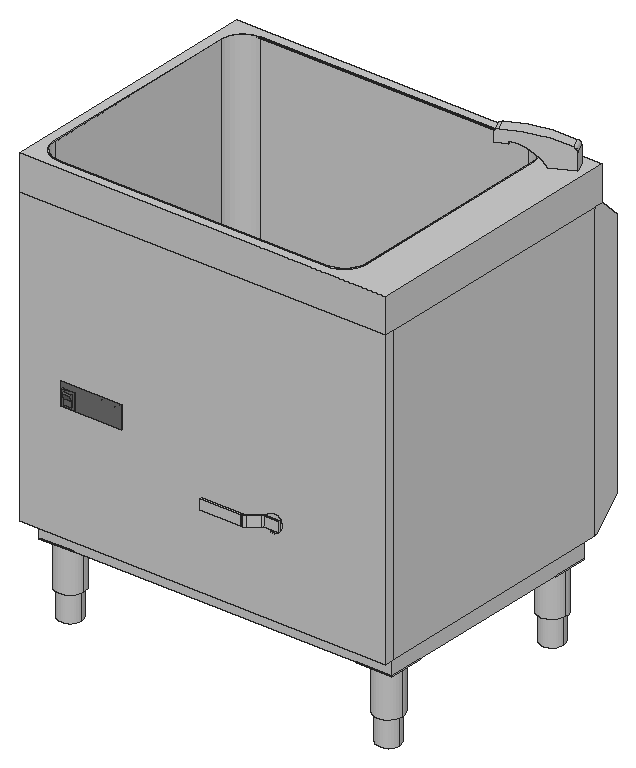
Revit family "SmartVide_120P_GENERADO", category Equipos especializados, Revit 2020
Family settings
  Cota de conector redondo = Diámetro de uso
  Tipo de pieza = Normal
  Número OmniClass = 23.21.21.13
  Se basa en plano de trabajo = No
  Siempre vertical = Sí
  Corte con vacíos al cargar = No
  Compartido = No
  Punto de cálculo de habitación = No
Parameters (values of type "Heated tank 120 l / 30 gal SmartVide 120/60/1")
  Width = 738 mm
  Weight in Pounds = 86
  Watts = 1500 W
  Volts = 120 V
  URL Cutsheet = "http://www.sammic.com/dl/468647/ed4c7/ps-en-1180421-heated-tank-for-smartvide-xl.pdf"
  URL = "https://www.sammic.com/model/1180421"
  Specification by Manufacturer = "Connected to and controlled by SmartVide XL to reach the set temperature faster."
  Show Logo [instance] = yes
  Show Clearances [instance] = yes
  Revision Code = "1"
  Phase = 1
  Modelo = "1180421"
  Height = 850 mm
  HP = "2.01"
  Foodservice Equipment Identifier = yes
  Fabricante = "SAMMIC S.L."
  FL Amps = 12.5 A
  Elevación por defecto = 0 mm
  Descripción = "Heated tank 120 l / 30 gal SmartVide 120/60/1"
  Depth = 582 mm
  Cycle = 60 Hz
  Conn Plug = "USA (NEMA 5-15P / 2P+G)"
  Comentarios de tipo = "Connected to and controlled by SmartVide XL."
Types (9, lengths in mm): name | Width | Weight in Pounds | Watts | Volts | URL Cutsheet | URL | Specification by Manufacturer | Modelo | Height | HP | FL Amps | Descripción | Depth | Cycle | Conn Plug | Comentarios de tipo
  (no name) | 738 | 86 | 1500 W | 120 V | "http://www.sammic.com/dl/468647/ed4c7/ps-en-1180421-heated-tank-for-smartvide-xl.pdf" | "https://www.sammic.com/model/1180421" | "Connected to and controlled by SmartVide XL to reach the set temperature faster." | "1180421" | 850 | "2.01" | 12.5 A | "Heated tank 120 l / 30 gal SmartVide 120/60/1" | 582 | 60 Hz | "USA (NEMA 5-15P / 2P+G)" | "Connected to and controlled by SmartVide XL."
  Heated tank 28P 28 l / 7.4 gal 230/50-60/1 | 335 | 20.4 | 750 W | 230 V | "http://www.sammic.com/dl/463838/10f12/ps-en-1180070-enhanced-tank-for-smartvide-x.pdf" | "https://www.sammic.com/model/1180070" | "Connected to and controlled by SmartVide X to reach the set temperature faster." | "1180070" | 288 | "1.01" | 3 A | "Heated tank 28P 28 l / 7.4 gal 230/50-60/1" | 540 | 50 Hz | "EU (SCHUKO 2P+G)" | "Tanks of 28 l / 7.4 gal and 56 l / 14.8 gal ."
  Heated tank 28P 28 l / 7.4 gal 120/60/1 | 335 | 20.4 | 750 W | 120 V | "http://www.sammic.com/dl/468574/fe437/ps-en-1180071-enhanced-tank-for-smartvide-x.pdf" | "https://www.sammic.com/model/1180071" | "Connected to and controlled by SmartVide X to reach the set temperature faster." | "1180071" | 288 | "1.01" | 6.25 A | "Heated tank 28P 28 l / 7.4 gal 120/60/1" | 540 | 60 Hz | "USA (NEMA 5-15P / 2P+G)" | "Tanks of 28 l / 7.4 gal and 56 l / 14.8 gal ."
  Heated tank 56P 56 l / 14.8 gal 230/50-60/1 | 660 | 36.8 | 1500 W | 230 V | "http://www.sammic.com/dl/463839/57b43/ps-en-1180075-enhanced-tank-for-smartvide-x.pdf" | "https://www.sammic.com/model/1180075" | "Connected to and controlled by SmartVide X to reach the set temperature faster." | "1180075" | 288 | "2.01" | 6 A | "Heated tank 56P 56 l / 14.8 gal 230/50-60/1" | 540 | 50 Hz | "EU (SCHUKO 2P+G)" | "Tanks of 28 l / 7.4 gal and 56 l / 14.8 gal ."
  Heated tank 56P 56 l / 14.8 gal 120/60/1 | 660 | 36.8 | 1500 W | 120 V | "http://www.sammic.com/dl/468575/325b7/ps-en-1180076-enhanced-tank-for-smartvide-x.pdf" | "https://www.sammic.com/model/1180076" | "Connected to and controlled by SmartVide X to reach the set temperature faster." | "1180076" | 288 | "2.01" | 12.5 A | "Heated tank 56P 56 l / 14.8 gal 120/60/1" | 540 | 60 Hz | "USA (NEMA 5-15P / 2P+G)" | "Tanks of 28 l / 7.4 gal and 56 l / 14.8 gal ."
  Heated tank 120 l / 30 gal SmartVide 120/60/1 | 738 | 86 | 1500 W | 120 V | "http://www.sammic.com/dl/468647/ed4c7/ps-en-1180421-heated-tank-for-smartvide-xl.pdf" | "https://www.sammic.com/model/1180421" | "Connected to and controlled by SmartVide XL to reach the set temperature faster." | "1180421" | 850 | "2.01" | 12.5 A | "Heated tank 120 l / 30 gal SmartVide 120/60/1" | 582 | 60 Hz | "USA (NEMA 5-15P / 2P+G)" | "Connected to and controlled by SmartVide XL."
  Heated tank 120P 120 l / 30 gal 208-240/50-60/1 | 738 | 86 | 3000 W | 208 V | "http://www.sammic.com/dl/468648/39ed8/ps-en-1180422-heated-tank-for-smartvide-xl.pdf" | "https://www.sammic.com/model/1180422" | "Connected to and controlled by SmartVide XL to reach the set temperature faster." | "1180422" | 850 | "4.02" | 6 A | "Heated tank 120P 120 l / 30 gal 208-240/50-60/1" | 582 | 50 Hz | "USA (NEMA 6-20P / 2P)" | "Connected to and controlled by SmartVide XL."
  Heated tank 120 l / 30 gal SmartVide 230/50-60/1 | 738 | 86 | 3000 W | 230 V | "http://www.sammic.com/dl/469719/89976/ps-en-1180420-heated-tank-for-smartvide-xl.pdf" | "https://www.sammic.com/model/1180420" | "Connected to and controlled by SmartVide XL to reach the set temperature faster." | "1180420" | 850 | "4.02" | 6 A | "Heated tank 120 l / 30 gal SmartVide 230/50-60/1" | 582 | 50 Hz | "EU (SCHUKO 2P+G)" | "Connected to and controlled by SmartVide XL."
  Heated tank 120P 230/5060/1 AUS | 738 | 86 | 3000 W | 230 V | "http://www.sammic.com/dl/470075/df198/ps-en-1180424-heated-tank-for-smartvide-xl.pdf" | "https://www.sammic.com/model/1180424" | "Connected to and controlled by SmartVide XL to reach the set temperature faster." | "1180424" | 850 | "4.02" | 6 A | "Heated tank 120P 230/5060/1 AUS" | 582 | 50 Hz | "AUS" | "Connected to and controlled by SmartVide XL."
Reference planes
  plane 1 "Centro (Frontal/Posterior)": y = 0
  plane 2: z = 0
  plane 3 "Centro (Izquierda/Derecha)": x = 0
  plane 4: through (737.5, 0, 4000) normal (0.9998, -0.0175, 0)
  plane 5: y = -608.85
Forms (mm)
  Extrusion 1, solid
    sketch origin (368.75, -563.5, 185) x (1, 0, 0) y (0, 0, 1)
      loop
        line (-368.75, 0) -> (368.75, 0) -> (368.75, 594.774) -> (-368.75, 594.774) -> (-368.75, 0)
    from 0 to 19
  Extrusion 2, void
    sketch origin (368.75, -563.5, 185) x (1, 0, 0) y (0, 0, 1)
      loop
        line (-279.75, 240.672) -> (-257.75, 240.672) -> (-257.75, 270.872) -> (-279.75, 270.872) -> (-279.75, 240.672)
      loop
        circle (143.75, 176.274) r 18
      loop
        circle (-200.25, 277.172) r 2.775
      loop
        circle (-175.25, 277.172) r 2.775
    from 17.5 to 19
  Extrusion 3, solid
    sketch origin (-354.75, -54.5, 0) x (1, 0, 0) y (0, 0, 1)
      loop
        line (354.75, 779.774) -> (354.75, 185) -> (368.75, 185) -> (368.75, 779.774) -> (354.75, 779.774)
    from 0 to 509
  Extrusion 4, solid
    sketch origin (368.75, -563.5, 0) x (0, 1, 0) y (0, 0, 1)
      loop
        line (509, 779.774) -> (509, 187.635) -> (512.514, 187.635) -> (563.5, 238.62) -> (563.5, 743.894) -> (527.62, 779.774) -> (509, 779.774)
    from -368.75 to 368.75
  Extrusion 5, solid
    sketch origin (368.75, -54.5, 0) x (1, 0, 0) y (0, 0, 1)
      loop
        line (354.75, 779.774) -> (354.75, 185) -> (368.75, 185) -> (368.75, 779.774) -> (354.75, 779.774)
    from 0 to 509
  Extrusion 6, solid
    sketch origin (368.75, -563.5, 0) x (1, 0, 0) y (0, 1, 0)
      loop
        line (-368.75, -19) -> (368.75, -19) -> (368.75, 527) -> (-368.75, 527) -> (-368.75, -19)
      loop
        arc (279.75, 463.5) -> (266.57, 495.32) -> (234.75, 508.5) r 45
        line (234.75, 508.5) -> (-305.25, 508.5)
        arc (-305.25, 508.5) -> (-337.07, 495.32) -> (-350.25, 463.5) r 45
        line (-350.25, 463.5) -> (-350.25, 44.5)
        arc (-350.25, 44.5) -> (-337.07, 12.68) -> (-305.25, -0.5) r 45
        line (-305.25, -0.5) -> (234.75, -0.5)
        arc (234.75, -0.5) -> (266.57, 12.68) -> (279.75, 44.5) r 45
        line (279.75, 44.5) -> (279.75, 463.5)
      loop
        circle (324.45, 482.7) r 5
    from 779.774 to 849.774
  Extrusion 7, solid
    sketch origin (368.75, 0, 0) x (1, 0, 0) y (0, 1, 0)
      loop
        line (-350.25, -100) -> (-350.25, -519)
        arc (-350.25, -519) -> (-337.07, -550.82) -> (-305.25, -564) r 45
        line (-305.25, -564) -> (234.75, -564)
        arc (234.75, -564) -> (266.57, -550.82) -> (279.75, -519) r 45
        line (279.75, -519) -> (279.75, -100)
        arc (279.75, -100) -> (266.57, -68.18) -> (234.75, -55) r 45
        line (234.75, -55) -> (-305.25, -55)
        arc (-305.25, -55) -> (-337.07, -68.18) -> (-350.25, -100) r 45
      loop
        arc (-305.25, -56) -> (-336.363, -68.887) -> (-349.25, -100) r 44
        line (-349.25, -100) -> (-349.25, -519)
        arc (-349.25, -519) -> (-336.363, -550.113) -> (-305.25, -563) r 44
        line (-305.25, -563) -> (234.75, -563)
        arc (234.75, -563) -> (265.863, -550.113) -> (278.75, -519) r 44
        line (278.75, -519) -> (278.75, -100)
        arc (278.75, -100) -> (265.863, -68.887) -> (234.75, -56) r 44
        line (234.75, -56) -> (-305.25, -56)
    from 469.774 to 849.774
  Extrusion 8, solid
    sketch origin (368.75, 0, 0) x (1, 0, 0) y (0, 1, 0)
      loop
        arc (-305.25, -55) -> (-337.07, -68.18) -> (-350.25, -100) r 45
        line (-350.25, -100) -> (-350.25, -519)
        arc (-350.25, -519) -> (-337.07, -550.82) -> (-305.25, -564) r 45
        line (-305.25, -564) -> (234.75, -564)
        arc (234.75, -564) -> (266.57, -550.82) -> (279.75, -519) r 45
        line (279.75, -519) -> (279.75, -100)
        arc (279.75, -100) -> (266.57, -68.18) -> (234.75, -55) r 45
        line (234.75, -55) -> (-305.25, -55)
    from 468.774 to 469.774
  Extrusion 9, solid
    sketch origin (368.75, 0, 0) x (1, 0, 0) y (0, 0, 1)
      loop
        line (-355.75, 146) -> (355.75, 146) -> (355.75, 185) -> (-355.75, 185) -> (-355.75, 146)
    from 67.5 to 550.5
  Extrusion 10, solid
    sketch origin (368.75, 0, 0) x (1, 0, 0) y (0, 1, 0)
      loop
        line (-355.75, -67.5) -> (-355.75, -137.5) -> (-285.75, -137.5) -> (-285.75, -67.5) -> (-355.75, -67.5)
      loop
        circle (-320.75, -102.5) r 10
      loop
        circle (320.75, -102.5) r 10
      loop
        line (355.75, -67.5) -> (285.75, -67.5) -> (285.75, -137.5) -> (355.75, -137.5) -> (355.75, -67.5)
      loop
        line (285.75, -480.5) -> (285.75, -550.5) -> (355.75, -550.5) -> (355.75, -480.5) -> (285.75, -480.5)
      loop
        circle (320.75, -515.5) r 10
      loop
        line (-355.75, -550.5) -> (-285.75, -550.5) -> (-285.75, -480.5) -> (-355.75, -480.5) -> (-355.75, -550.5)
      loop
        circle (-320.75, -515.5) r 10
    from 144 to 146
  Revolve 11, solid
    sketch origin (503.796, -515.5, 0) x (1, 0, 0) y (0, 0, 1)
      loop
        line (-455.796, 144) -> (-484.046, 144) -> (-484.046, 55) -> (-478.296, 55) -> (-478.296, 0) -> (-455.796, 0) -> (-455.796, 144)
      axis (-455.796, 144) -> (-455.796, 0)
    angle from 0 to 360
  Revolve 12, solid
    sketch origin (1145.296, -515.5, 0) x (1, 0, 0) y (0, 0, 1)
      loop
        line (-455.796, 144) -> (-484.046, 144) -> (-484.046, 55) -> (-478.296, 55) -> (-478.296, 0) -> (-455.796, 0) -> (-455.796, 144)
      axis (-455.796, 144) -> (-455.796, 0)
    angle from 0 to 360
  Revolve 13, solid
    sketch origin (1145.296, -102.5, 0) x (1, 0, 0) y (0, 0, 1)
      loop
        line (-455.796, 144) -> (-484.046, 144) -> (-484.046, 55) -> (-478.296, 55) -> (-478.296, 0) -> (-455.796, 0) -> (-455.796, 144)
      axis (-455.796, 144) -> (-455.796, 0)
    angle from 0 to 360
  Revolve 14, solid
    sketch origin (503.796, -102.5, 0) x (1, 0, 0) y (0, 0, 1)
      loop
        line (-455.796, 144) -> (-484.046, 144) -> (-484.046, 55) -> (-478.296, 55) -> (-478.296, 0) -> (-455.796, 0) -> (-455.796, 144)
      axis (-455.796, 144) -> (-455.796, 0)
    angle from 0 to 360
  Extrusion 15, solid
    sketch origin (368.75, 0, 0) x (1, 0, 0) y (0, 1, 0)
      loop
        line (14.25, -608.85) -> (97.75, -608.85) -> (97.75, -607.85) -> (101.679, -607.85)
        arc (101.679, -607.85) -> (104.74, -607.241) -> (107.336, -605.507) r 8
        line (107.336, -605.507) -> (123.528, -589.314)
        arc (123.528, -589.314) -> (125.15, -588.231) -> (127.064, -587.85) r 5
        line (127.064, -587.85) -> (157.839, -587.85) -> (157.839, -584.85) -> (127.064, -584.85)
        arc (127.064, -584.85) -> (124.002, -585.459) -> (121.407, -587.193) r 8
        line (121.407, -587.193) -> (105.214, -603.386)
        arc (105.214, -603.386) -> (103.592, -604.469) -> (101.679, -604.85) r 5
        line (101.679, -604.85) -> (97.75, -604.85) -> (97.75, -603.85) -> (14.25, -603.85) -> (14.25, -608.85)
    from 351.274 to 371.274
  Extrusion 16, solid
    sketch origin (368.75, 0, 0) x (1, 0, 0) y (0, 0, 1)
      loop
        line (-285.254, 422.772) -> (-162.274, 422.772) -> (-162.274, 467.273) -> (-285.254, 467.273) -> (-285.254, 422.772)
    from 582.5 to 583.5
  Extrusion 17, solid
    sketch origin (368.75, 0, 0) x (0, 1, 0) y (0, 0, 1)
      loop
        line (-583.5, 456.772) -> (-585.5, 456.772) -> (-585.5, 424.772) -> (-583.5, 424.772) -> (-583.5, 456.772)
    from -281.25 to -256.25
  Extrusion 18, solid
    sketch origin (368.75, 0, 0) x (0, 1, 0) y (0, 0, 1)
      loop
        line (-585.5, 452.272) -> (-591, 450.972) -> (-586.5, 440.772) -> (-586.5, 429.272) -> (-585.5, 429.272) -> (-585.5, 452.272)
    from -276.75 to -260.75
  Extrusion 19, void
    sketch origin (368.75, 0, 0) x (1, 0, 0) y (0, 0, 1)
      loop
        line (198.144, 146) -> (198.144, 185) -> (150.144, 185) -> (150.144, 146) -> (198.144, 146)
      loop
        line (67.144, 146) -> (67.144, 185) -> (-0.856, 185) -> (-0.856, 146) -> (67.144, 146)
      loop
        line (-214.16, 146) -> (-214.16, 185) -> (-255.41, 185) -> (-255.41, 146) -> (-214.16, 146)
    from 66.5 to 68.5
  Extrusion 20, solid
    sketch origin (-321.589, -539.115, 0) x (0.906308, 0.422618, 0) y (0, 0, 1)
      loop
        line (1004.304, 899.861) -> (1004.304, 885) -> (1029.304, 885) -> (1029.304, 890)
        arc (1029.304, 890) -> (1065.124, 877.156) -> (1091.78, 850) r 85.206
        line (1091.78, 850) -> (1140.279, 850) -> (1140.279, 883.92)
        arc (1140.279, 883.92) -> (1138.618, 889.42) -> (1134.191, 893.084) r 9.941
        arc (1134.191, 893.084) -> (1074.314, 908.566) -> (1012.479, 909.745) r 264.931
        arc (1012.479, 909.745) -> (1006.612, 906.274) -> (1004.304, 899.861) r 10.063
    from 0 to 25
  Extrusion 21, solid
    sketch origin (368.75, 0, 0) x (1, 0, 0) y (0, 0, 1)
      loop
        circle (-234.785, 165.5) r 10
    from 47.5 to 68.5
  Extrusion 22, solid
    sketch origin (368.75, 0, 0) x (1, 0, 0) y (0, 0, 1)
      loop
        circle (174.144, 165.5) r 15
      loop
        circle (33.144, 165.5) r 15
    from 47.5 to 68.5
Cuts and joins
  Extrusion 2 cuts Extrusion 1
  Extrusion 19 cuts Extrusion 9
Lines and regions (mm)
  symbolic lines, style "200-EquipBorder-2D"
    curve 1: line (737.5, -54.5, 0) -> (737.5, 0, 0)
    curve 2: line (737.5, -582.5, 0) -> (737.5, -36.5, 0)
    curve 3: line (0, -36.5, 0) -> (0, -582.5, 0)
    curve 4: line (0, 0, 0) -> (0, -54.5, 0)
    curve 5: line (737.5, 0, 0) -> (0, 0, 0)
    curve 6: line (383, -608.85, 0) -> (466.5, -608.85, 0)
    curve 7: line (466.5, -608.85, 0) -> (466.5, -607.85, 0)
    curve 8: line (466.5, -607.85, 0) -> (470.429, -607.85, 0)
    curve 9: arc (470.429, -607.85, 0) -> (473.49, -607.241, 0) -> (476.086, -605.507, 0) r 8
    curve 10: line (476.086, -605.507, 0) -> (492.278, -589.314, 0)
    curve 11: arc (492.278, -589.314, 0) -> (493.9, -588.231, 0) -> (495.814, -587.85, 0) r 5
    curve 12: line (495.814, -587.85, 0) -> (526.589, -587.85, 0)
    curve 13: line (526.589, -587.85, 0) -> (526.589, -584.85, 0)
    curve 14: line (526.589, -584.85, 0) -> (495.814, -584.85, 0)
    curve 15: arc (495.814, -584.85, 0) -> (492.752, -585.459, 0) -> (490.157, -587.193, 0) r 8
    curve 16: line (490.157, -587.193, 0) -> (473.964, -603.386, 0)
    curve 17: arc (473.964, -603.386, 0) -> (472.342, -604.469, 0) -> (470.429, -604.85, 0) r 5
    curve 18: line (470.429, -604.85, 0) -> (466.5, -604.85, 0)
    curve 19: line (466.5, -604.85, 0) -> (466.5, -603.85, 0)
    curve 20: line (466.5, -603.85, 0) -> (383, -603.85, 0)
    curve 21: line (383, -603.85, 0) -> (383, -608.85, 0)
    curve 22: line (0, -582.5, 0) -> (83.496, -582.5, 0)
    curve 23: line (83.496, -582.5, 0) -> (83.496, -583.5, 0)
    curve 24: line (83.496, -583.5, 0) -> (87.5, -583.5, 0)
    curve 25: line (87.5, -583.5, 0) -> (87.5, -585.5, 0)
    curve 26: line (87.5, -585.5, 0) -> (92, -585.5, 0)
    curve 27: line (92, -585.5, 0) -> (92, -591, 0)
    curve 28: line (92, -591, 0) -> (108, -591, 0)
    curve 29: line (108, -591, 0) -> (108, -585.5, 0)
    curve 30: line (108, -585.5, 0) -> (112.5, -585.5, 0)
    curve 31: line (112.5, -585.5, 0) -> (112.5, -583.5, 0)
    curve 32: line (112.5, -583.5, 0) -> (206.476, -583.5, 0)
    curve 33: line (206.476, -583.5, 0) -> (206.476, -582.5, 0)
    curve 34: line (206.476, -582.5, 0) -> (737.5, -582.5, 0)
Dimensions and locks
  aligned and locked: level to plane 2
Connectors
  electrical at (133.965, -47.5, 165.5)
    settings: on Extrusion 21, index 1, voltage 230 V, apparent load 0 VA, apparent load phase1 0 VA, apparent load phase2 0 VA, apparent load phase3 0 VA, power factor 1, load classification "Otro", number of poles 1, system type 31, power factor state 1, is connector primary yes, connector utility no, sub classification motor no, connector description "Conexion electrica"
  piping at (542.894, -47.5, 165.5), diameter 30
    settings: on Extrusion 22, index 2, connector inside diameter 609.6 mm, connector length 0 mm, flow factor 0, pipe flow 0.0 L/s, pressure drop 0.0 Pa, fitting loss kfactor 0, connector angle 0.00°, fixture units 0, engagement length 0 mm, angle of deflection 0.00°, flow configuration 1, flow direction 1, fitting loss method 0, system type 20, joint type 0, gender type 0, connector reference index -1, connector utility 0, adjustable connector no, is connector primary yes, connector description "Conexion agua"
  piping at (401.894, -47.5, 165.5), diameter 30
    settings: on Extrusion 22, index 3, connector inside diameter 609.6 mm, connector length 0 mm, flow factor 0, pipe flow 0.0 L/s, pressure drop 0.0 Pa, fitting loss kfactor 0, connector angle 0.00°, fixture units 0, engagement length 0 mm, angle of deflection 0.00°, flow configuration 1, flow direction 2, fitting loss method 0, system type 16, joint type 0, gender type 0, connector reference index -1, connector utility 0, adjustable connector no, is connector primary no, connector description "Conexion agua"
